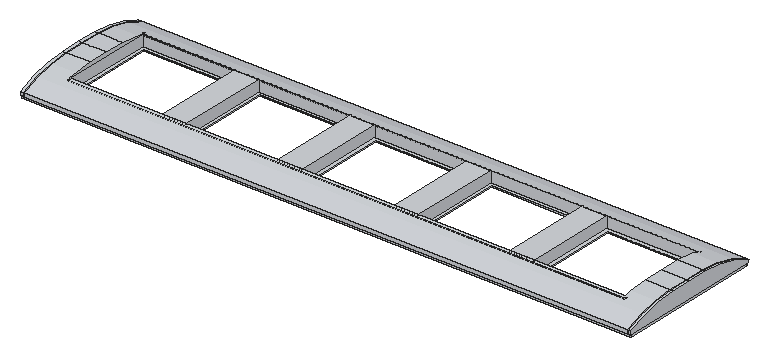
Revit family "Gira_0215331", category Electrical Fixtures, host Face, Revit 2017
Family settings
  Host = Face
  Maintain Annotation Orientation = No
  Round Connector Dimension = Use Diameter
  Part Type = Normal
  Cut with Voids When Loaded = No
  Shared = No
  Room Calculation Point = No
Parameters (values of type "Cov.fr. 5-g interm.fr. PW Gira Event Opaque dark brown")
  With mounting grid = "No"
  With hinged lid = "No"
  URL = "http://katalog.gira.de/en/datenblatt.html?artikelnr=0215331"
  Type of fastening = "Clamp mounting"
  Transparent = "No"
  Surface protection = "Other"
  Suitable for wall duct = "No"
  Suitable for flush-mounted installation = "Yes"
  Suitable for floor box = "No"
  Suitable for built-in installation = "No"
  Number of units vertical = "5"
  Number of units horizontal = "5"
  Number of units = "5"
  Name = "Cov.fr. 5-g interm.fr. PW Gira Event Opaque dark brown"
  Mounting direction = "Horizontal and vertical"
  Material quality = "Thermoplastic"
  Material = "Plastic"
  Manufacturer URL = "https://www.gira.de/"
  Manufacturer = "Gira"
  Label space/information surface = "No"
  Keynote = ""
  HeinzeBIM = "https://bimportal.heinze.de/bim/cov-fr-5-g-interm-fr-pw-gira-event-opaque-dark-brown/bcbed933adb68495e2e34ff4c51db14229a4c49d"
  Halogen free = "Yes"
  HAN = "0215331"
  GTIN = "4010337074724"
  Description = "Cov.fr.5g i.fr.PW EvOp DBN,Gira Event Opaque frames,dark brown with pure white glossy intermediate frame,5-gang,Features:,- Shatter-proof."
  Degree of protection (IP) = "IP20"
  Default Elevation = 1219.2 mm
  Data sheet (1) = "https://katalog.gira.de/en/download.html?artikelnr=0215331"
  Colour = "Brown"
  Category = "Cover frame for domestic switching devices"
  BIM (1) = "https://media.stage.bim.site/public/gira/36a6b08/Event_Rahmen_5fach.rfa"
  Available = "No"
Reference planes
  plane 1 "Center (Front/Back)": y = 0
  plane 2: z = 0
  plane 3 "Center (Left/Right)": x = 0
Forms (mm)
  Extrusion 1, solid, detail levels fine
    sketch origin (0, 0, 0.05) x (0, 1, 0) y (0, 0, 1)
      loop
        arc (12.445, 9.683) -> (6.223, 9.833) -> (0, 9.85) r 291.636
        arc (0, 9.85) -> (-6.223, 9.833) -> (-12.445, 9.683) r 291.636
        arc (-12.445, 9.683) -> (-29.14, 7.482) -> (-45, 1.823) r 79.728
        line (-45, 1.823) -> (-45, -0.05) -> (-42.086, -0.05)
        arc (-42.086, -0.05) -> (-21.385, 5.559) -> (0, 7.206) r 114.424
        arc (0, 7.206) -> (21.385, 5.559) -> (42.086, -0.05) r 114.424
        line (42.086, -0.05) -> (45, -0.05) -> (45, 1.823)
        arc (45, 1.823) -> (29.14, 7.482) -> (12.445, 9.683) r 79.728
    from -185.578 to 185.593
  Extrusion 2, void, detail levels fine
    sketch origin (0, 0, 0) x (1, 0, 0) y (0, 1, 0)
      loop
        line (170.607, 28) -> (-170.593, 28) -> (-170.593, -28) -> (170.607, -28) -> (170.607, 28)
    from 0.724 to 11
  Extrusion 3, solid, detail levels coarse
    sketch origin (0, 0, 0) x (1, 0, 0) y (0, 1, 0)
      loop
        line (-187.578, 45) -> (-187.578, -45) -> (187.593, -45) -> (187.593, 45) -> (-187.578, 45)
    from -1.5 to 9.9
  Extrusion 4, solid, detail levels medium
    sketch origin (0, 0, 0.05) x (0, 1, 0) y (0, 0, 1)
      loop
        arc (12.445, 9.683) -> (6.223, 9.833) -> (0, 9.85) r 291.636
        arc (0, 9.85) -> (-6.223, 9.833) -> (-12.445, 9.683) r 291.636
        arc (-12.445, 9.683) -> (-29.14, 7.482) -> (-45, 1.823) r 79.728
        line (-45, 1.823) -> (-45, -0.05) -> (45, -0.05) -> (45, 1.823)
        arc (45, 1.823) -> (29.14, 7.482) -> (12.445, 9.683) r 79.728
    from -187.578 to 187.593
  Extrusion 5, solid, detail levels fine
    sketch origin (-142.578, 0, -1.5) x (0, 1, 0) y (0, 0, -1)
      loop
        line (45, -3.373) -> (45, -1.5) -> (-45, -1.5) -> (-45, -3.373)
        arc (-45, -3.373) -> (-29.14, -9.032) -> (-12.445, -11.233) r 79.728
        arc (-12.445, -11.233) -> (-6.223, -11.383) -> (0, -11.4) r 291.636
        arc (0, -11.4) -> (6.223, -11.383) -> (12.445, -11.233) r 291.636
        arc (12.445, -11.233) -> (29.14, -9.032) -> (45, -3.373) r 79.728
    from 43 to 45
  Extrusion 6, solid, detail levels fine
    sketch origin (0, 0, 0) x (1, 0, 0) y (0, 1, 0)
      loop
        line (-168.493, 25.7) -> (-168.493, -25.7) -> (-116.693, -25.7) -> (-116.693, 25.7) -> (-168.493, 25.7)
      loop
        line (-45.398, -25.7) -> (-45.398, 25.7) -> (-97.198, 25.7) -> (-97.198, -25.7) -> (-45.398, -25.7)
      loop
        line (-171.487, 28.49) -> (-171.487, -28.495)
        spline (-171.487, -28.495) -> (-171.479, -28.625) -> (-171.453, -28.754) -> (-171.411, -28.878) -> (-171.353, -28.995) -> (-171.281, -29.104) -> (-171.194, -29.202) -> (-171.096, -29.288) -> (-170.987, -29.361) -> (-170.87, -29.419) -> (-170.746, -29.461) -> (-170.618, -29.486) -> (-170.487, -29.495)
        line (-170.487, -29.495) -> (170.502, -29.495)
        spline (170.502, -29.495) -> (170.633, -29.486) -> (170.761, -29.461) -> (170.885, -29.419) -> (171.002, -29.361) -> (171.111, -29.288) -> (171.209, -29.202) -> (171.296, -29.104) -> (171.368, -28.995) -> (171.426, -28.878) -> (171.468, -28.754) -> (171.494, -28.625) -> (171.502, -28.495)
        line (171.502, -28.495) -> (171.502, 28.49)
        spline (171.502, 28.49) -> (171.494, 28.62) -> (171.468, 28.748) -> (171.426, 28.872) -> (171.368, 28.99) -> (171.296, 29.098) -> (171.209, 29.197) -> (171.111, 29.283) -> (171.002, 29.356) -> (170.885, 29.413) -> (170.761, 29.456) -> (170.633, 29.481) -> (170.502, 29.49)
        line (170.502, 29.49) -> (-170.487, 29.49)
        spline (-170.487, 29.49) -> (-170.618, 29.481) -> (-170.746, 29.456) -> (-170.87, 29.413) -> (-170.987, 29.356) -> (-171.096, 29.283) -> (-171.194, 29.197) -> (-171.281, 29.098) -> (-171.353, 28.99) -> (-171.411, 28.872) -> (-171.453, 28.748) -> (-171.479, 28.62) -> (-171.487, 28.49)
      loop
        line (25.902, -25.7) -> (25.902, 25.7) -> (-25.898, 25.7) -> (-25.898, -25.7) -> (25.902, -25.7)
      loop
        line (97.207, -25.7) -> (97.207, 25.7) -> (45.407, 25.7) -> (45.407, -25.7) -> (97.207, -25.7)
      loop
        line (168.507, -25.7) -> (168.507, 25.7) -> (116.707, 25.7) -> (116.707, -25.7) -> (168.507, -25.7)
    from 0.1 to 7.3
  Extrusion 7, solid
    sketch origin (0, 0, 0) x (1, 0, 0) y (0, 1, 0)
      loop
        arc (-187.293, -44.218) -> (-187.146, -44.572) -> (-186.793, -44.718) r 0.5
        line (-186.793, -44.718) -> (186.807, -44.718)
        arc (186.807, -44.718) -> (187.161, -44.572) -> (187.307, -44.218) r 0.5
        line (187.307, -44.218) -> (187.307, 44.182)
        arc (187.307, 44.182) -> (187.161, 44.535) -> (186.807, 44.682) r 0.5
        line (186.807, 44.682) -> (-186.793, 44.682)
        arc (-186.793, 44.682) -> (-187.146, 44.535) -> (-187.293, 44.182) r 0.5
        line (-187.293, 44.182) -> (-187.293, -44.218)
      loop
        line (-185.593, 42.982) -> (-185.593, -43.018) -> (185.607, -43.018) -> (185.607, 42.982) -> (-185.593, 42.982)
    from -1.5 to 0.5
  Extrusion 8, solid, detail levels fine
    sketch origin (142.593, 0, -1.5) x (0, 1, 0) y (0, 0, 1)
      loop
        arc (45, 3.373) -> (29.14, 9.032) -> (12.445, 11.233) r 79.728
        arc (12.445, 11.233) -> (6.223, 11.383) -> (0, 11.4) r 291.636
        arc (0, 11.4) -> (-6.223, 11.383) -> (-12.445, 11.233) r 291.636
        arc (-12.445, 11.233) -> (-29.14, 9.032) -> (-45, 3.373) r 79.728
        line (-45, 3.373) -> (-45, 1.5) -> (45, 1.5) -> (45, 3.373)
    from 43 to 45
  Extrusion 9, solid, detail levels medium
    sketch origin (0, 0, 0) x (1, 0, 0) y (0, 1, 0)
      loop
        line (-187.293, -44.718) -> (187.307, -44.718) -> (187.307, 44.682) -> (-187.293, 44.682) -> (-187.293, -44.718)
    from -1.5 to 0.5
  Extrusion 10, solid, detail levels fine
    sketch origin (-105.5, 0, 0) x (1, 0, 0) y (0, 1, 0)
      loop
        line (-8.943, 28.063) -> (-8.943, -27.937) -> (6.057, -27.937) -> (6.057, 28.063) -> (-8.943, 28.063)
    from 0.724 to 7.566
  Extrusion 11, solid, detail levels fine
    sketch origin (-37.085, 0, 0) x (-1, 0, 0) y (0, -1, 0)
      loop
        line (-8.943, -28.063) -> (6.057, -28.063) -> (6.057, 27.937) -> (-8.943, 27.937) -> (-8.943, -28.063)
    from 0.724 to 7.566
  Extrusion 12, solid, detail levels fine
    sketch origin (105.5, 0, 0) x (-1, 0, 0) y (0, -1, 0)
      loop
        line (-8.943, -28.063) -> (6.057, -28.063) -> (6.057, 27.937) -> (-8.943, 27.937) -> (-8.943, -28.063)
    from 0.724 to 7.566
  Extrusion 13, solid, detail levels fine
    sketch origin (37.085, 0, 0) x (1, 0, 0) y (0, 1, 0)
      loop
        line (-8.943, 28.063) -> (-8.943, -27.937) -> (6.057, -27.937) -> (6.057, 28.063) -> (-8.943, 28.063)
    from 0.724 to 7.566
Cuts and joins
  Extrusion 2 cuts Extrusion 1
  Extrusion 2 cuts Extrusion 6
Dimensions and locks
  aligned and locked: plane 2 to host face
  aligned and locked: level to host face
